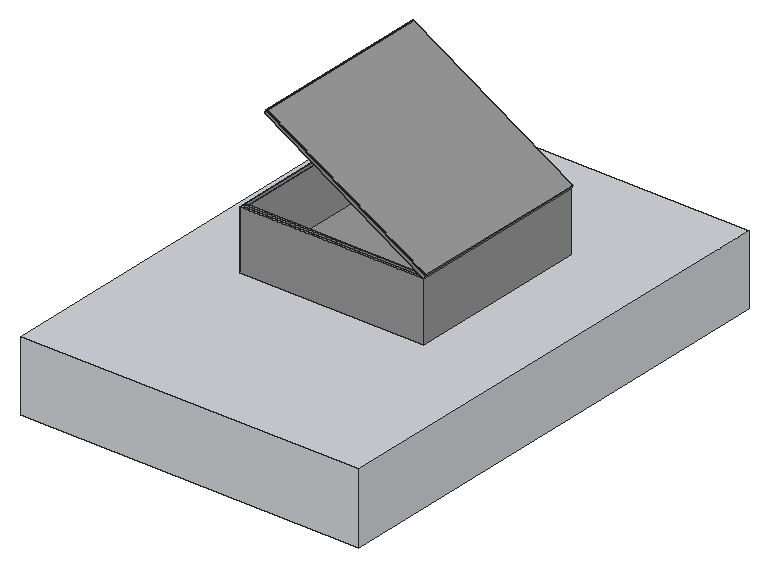
Revit family "Hager-Univers-IP55-D275-H800-Cl.II-Steel_encl-BE-en", category Equipement électrique, Revit 2020
Family settings
  Hôte = Face
  Configuration du panneau = Deux colonnes, circuits au sein
  Cote de connecteur circulaire = Utiliser le diamètre
  Type d'élément = Tableau de raccordement
  Couper avec des vides une fois chargée = Non
  Partagée = Non
  Point de calcul de pièce = Non
Parameters (values of type "Surface mounted (plaster) IP55 W800 H800 D275  - FR53S")
  Width Control [instance] = if([EF000008 - Width] > Min Width, [EF000008 - Width], Min Width)  # 800 mm
  Commentaires du type = [HG000003 - Range]  # "Univers"
  Thickness Door [instance] = if([EF009171 - Material plate thickness door/cover] > 3 mm, 3 mm, [EF009171 - Material plate thickness door/cover])  # 1.5 mm
  Seal Frame Offset [instance] = 17 mm  # constant formula
  Plinth Visibility [instance] = [HG000027 - Plinth height] > 0 mm  # no
  Model = ""
  Min Width [instance] = 100 mm  # constant formula
  Min Height [instance] = 100 mm  # constant formula
  Min Depth [instance] = (2 * [EF009170 - Material plate thickness cabinet]) + 1 mm  # 4 mm
  Internal Frame Depth [instance] = (Door System Depth * 0.5)  # 9 mm
  Height Control [instance] = if([EF000040 - Height] > Min Height, [EF000040 - Height], Min Height)  # 800 mm
  HG000027 - Plinth height = 0 mm
  HG000026 - Floor standing = no
  HG000024 - Bottom section height = 800 mm
  HG000023 - Double section enclosure = no
  HG000016 - Door 3d visibility [instance] = yes
  HG000015 - Clearance visibility [instance] = no
  HG000014 - Door on the right [instance] = yes
  HG000013 - Door on the left [instance] = not([HG000014 - Door on the right])  # no
  HG000012 - Door swing angle [instance] = 30.00°
  HG000010 - Asymmetric doors = no
  HG000009 - Double swing door = no
  HG000006 - Flush mounted = no
  HG000004 - Manufacturer reference = "FR53S"
  HG000003 - Range = "Univers"
  HG000002 - With door or cover = yes
  Frame Offset Bottom [instance] = 10 mm  # constant formula
  Frame Offset [instance] = 15 mm  # constant formula
  EF015940 - Cover with overpressure release = no
  EF011959 - Degree of protection (NEMA) = ""
  EF009554 - Number of openings for flange plates = 6
  EF009212 - Cover model = "EV000116 - Closed"
  EF009171 - Material plate thickness door/cover = 1.5 mm
  EF009170 - Material plate thickness cabinet = 1.5 mm
  Fabricant = "Hager"  # constant formula
  EF008873 - Nominal current (In) = 800 A
  EF007800 - Suitable for lightning protection = no
  EF006306 - With lock = no
  EF006244 - Transparent cover/door = no
  EF005474 - Degree of protection (IP) = "EV006420 - IP55"
  EF004464 - Type of door = "EV002646 - Single"
  EF004427 - Number of modules = 180
  EF004293 - Impact strength = "EV008784 - IK10"
  EF003532 - Suitable for outdoor use = no
  EF002950 - Width in number of modular spacings = 24
  EF001613 - Circuit integrity = "EV000494 - None"
  EF001596 - Material housing = "EV000179 - Steel"
  EF001131 - Internal depth = 275 mm
  EF001088 - Extension possible = yes
  EF000437 - Number of conduit inlets = 6
  EF000339 - Type of cover = "EV004216 - Door"
  EF000266 - Number of rows = 5
  EF000218 - Built-in depth = 0 mm
  EF000118 - With mounting plate = no
  EF000116 - RAL-number = "7035"
  EF000049 - Depth = 275 mm
  EF000040 - Height = 800 mm
  EF000008 - Width = 800 mm
  EF000007 - Colour = "EV000270 - Grey"
  EF000003 - Mounting method = "EV000384 - Surface mounted (plaster)"
  Door System Leaf Tolerance [instance] = 1.5 mm  # constant formula
  Door System Depth [instance] = 18 mm  # constant formula
  Door Height [instance] = Height Control - [HG000027 - Plinth height]  # 800 mm
  Depth Control [instance] = if([EF000049 - Depth] > Min Depth, [EF000049 - Depth], Min Depth)  # 275 mm
  Default Elevation = 0 mm
  Connector Offset [instance] = Height Control / 2  # 400 mm
  Bottom Top Plate Trim [instance] = 1.5 mm  # constant formula
  Plinth height Ctrl [instance] = if([HG000027 - Plinth height] > 0 mm, [HG000027 - Plinth height], 12 mm)  # 12 mm
Types (5, lengths in mm): name | Width Control | HG000010 - Asymmetric doors | HG000009 - Double swing door | HG000004 - Manufacturer reference | EF009554 - Number of openings for flange plates | EF004464 - Type of door | EF004427 - Number of modules | EF000437 - Number of conduit inlets | EF000008 - Width
  Surface mounted (plaster) IP55 W1050 H800 D275  - FR54S | 1050 | no | yes | "FR54S" | 8 | "EV003602 - Double" | 240 | 8 | 1050
  Surface mounted (plaster) IP55 W1300 H800 D275  - FR55S | 1300 | yes | yes | "FR55S" | 10 | "EV003602 - Double" | 300 | 10 | 1300
  Surface mounted (plaster) IP55 W300 H800 D275  - FR51S | 300 | no | no | "FR51S" | 2 | "EV002646 - Single" | 60 | 2 | 300
  Surface mounted (plaster) IP55 W550 H800 D275  - FR52S | 550 | no | no | "FR52S" | 4 | "EV002646 - Single" | 120 | 4 | 550
  Surface mounted (plaster) IP55 W800 H800 D275  - FR53S | 800 | no | no | "FR53S" | 6 | "EV002646 - Single" | 180 | 6 | 800
Reference planes
  plane 1 "Center (Front/Back)": y = 0
  plane 2: z = 0
  plane 3 "Center (Left/Right)": x = 0
  plane 4: z = 275
  plane 5: y = 1.5
  plane 6: y = 400
  plane 7: y = 0
  plane 8: y = 800
  plane 9: z = 0
  plane 10: x = -385
  plane 11: x = 385
  plane 12: x = 383.5
  plane 13: x = -383.5
  plane 14: y = 798.5
  plane 15: x = -383
  plane 16: x = -400
  plane 17: x = 383
  plane 18: x = 400
  plane 19: x = 398.5
  plane 20: x = -398.5
  plane 21: y = 11.5
  plane 22: y = 800
  plane 23: y = 783.5
  plane 24: z = 257
  plane 25: z = 1.5
  plane 26: z = 255.5
  plane 27: z = 273.5
Forms (mm)
  Extrusion 1, solid
    sketch origin (0, 0, 0) x (1, 0, 0) y (0, 1, 0)
      loop
        line (-702.964, 1305) -> (-702.964, -811.445) -> (766.763, -811.445) -> (766.763, 1305) -> (-702.964, 1305)
    from 0 to -304.8
  Extrusion 2, solid, material "Hager_Steel_RAL7035_Light_Grey", visible <- "Plinth Visibility", detail levels medium+fine
    sketch origin (0, 0, 0) x (1, 0, 0) y (0, 1, 0)
      loop
        line (-400, 0) -> (400, 0) -> (400, 12) -> (-400, 12) -> (-400, 0)
    from 0 to 257
  Extrusion 3, solid, material "Hager_Steel_RAL7035_Light_Grey", detail levels medium+fine
    sketch origin (0, 0, 0) x (1, 0, 0) y (0, 1, 0)
      loop
        line (-400, 0) -> (400, 0) -> (400, 800) -> (-400, 800) -> (-400, 0)
    from 0 to 257
  Extrusion 4, void
    sketch origin (0, 0, 0) x (1, 0, 0) y (0, 1, 0)
      loop
        line (-398.5, 1.5) -> (398.5, 1.5) -> (398.5, 798.5) -> (-398.5, 798.5) -> (-398.5, 1.5)
    from 1.5 to 255.5
  Extrusion 5, void
    sketch origin (-381.607, -4572, 257) x (0, -1, 0) y (-1, 0, 0)
      loop
        line (-4583.5, 1.893) -> (-5355.5, 1.893) -> (-5355.5, -765.107) -> (-4583.5, -765.107) -> (-4583.5, 1.893)
    from 0 to 1.5 <- "EF009170 - Material plate thickness cabinet"
  Extrusion 6, solid, material "Hager_Steel_RAL7035_Light_Grey", detail levels fine
    sketch origin (0, 0, 257) x (1, 0, 0) y (0, 1, 0)
      loop
        line (-383.5, 783.5) -> (-383.5, 11.5) -> (383.5, 11.5) -> (383.5, 783.5) -> (-383.5, 783.5)
      loop
        line (-385, 10) -> (385, 10) -> (385, 785) -> (-385, 785) -> (-385, 10)
    from 0 to 9 <- "Internal Frame Depth"
  Extrusion 7, solid, material "Hager_Steel_RAL7035_Light_Grey", detail levels coarse
    sketch origin (0, 0, 0) x (1, 0, 0) y (0, 1, 0)
      loop
        line (-400, 0) -> (400, 0) -> (400, 800) -> (-400, 800) -> (-400, 0)
    from 0 to 275
  Sweep 8, void
    path in 3D
      loop
        line (-400, 12, 0) -> (400, 12, 0) -> (400, 12, 257) -> (-400, 12, 257) -> (-400, 12, 0)
    profile origin (-400, 12, 128.5) x (-1, 0, 0) y (0, -1, 0)
      loop
        line (0, 0) -> (0, 1.5) -> (-1.5, 1.5)
        arc (-1.5, 1.5) -> (-1.061, 0.439) -> (0, 0) r 1.5
Cuts and joins
  Extrusion 4, Extrusion 5 cuts Extrusion 3
  Sweep 8 cuts Extrusion 2
Lines and regions (mm)
  Masking region 1
    outline origin (0, 0, 0) x (1, 0, 0) y (0, 0, 1)
      loop
        line (-400, 275) -> (-400, 0) -> (400, 0) -> (400, 275) -> (-400, 275)
  Masking region 2, detail levels medium+fine
    outline origin (0, 140, 0) x (0, 1, 0) y (0, 0, 1)
      loop
        line (-140, 0) -> (660, 0) -> (660, 257) -> (-140, 257) -> (-140, 0)
  Masking region 3, not visible, detail levels medium+fine
    outline origin (0, 297.922, 0) x (0, 1, 0) y (0, 0, 1)
      loop
        line (113.578, 0) -> (153.578, 0) -> (153.578, 263.5)
        arc (153.578, 263.5) -> (150.649, 270.571) -> (143.578, 273.5) r 10
        line (143.578, 273.5) -> (113.578, 273.5) -> (113.578, 0)
  Masking region 4, detail levels coarse
    outline origin (0, 0, 180) x (0, 1, 0) y (0, 0, 1)
      loop
        line (0, -180) -> (800, -180) -> (800, 95) -> (0, 95) -> (0, -180)
  Masking region 5, visible <- "Plinth Visibility", detail levels medium+fine
    outline origin (0, 52.24, 12.345) x (0, 0, -1) y (0, 1, 0)
      loop
        line (10.845, -40.24) -> (-243.155, -40.24)
        arc (-243.155, -40.24) -> (-243.594, -41.301) -> (-244.655, -41.74) r 1.5
        line (-244.655, -41.74) -> (-244.655, -52.24) -> (12.345, -52.24) -> (12.345, -41.74)
        arc (12.345, -41.74) -> (11.285, -41.301) -> (10.845, -40.24) r 1.5
  Masking region 6, detail levels medium+fine
    outline origin (-381.607, -4572, 257) x (-1, 0, 0) y (0, -1, 0)
      loop
        line (18.393, -5372) -> (18.393, -4572) -> (-781.607, -4572) -> (-781.607, -5372) -> (18.393, -5372)
  Masking region 7, visible <- "Plinth Visibility", detail levels medium+fine
    outline origin (-381.607, -4727, 257) x (-1, 0, 0) y (0, -1, 0)
      loop
        arc (16.893, -4739) -> (17.332, -4737.939) -> (18.393, -4737.5) r 1.5
        line (18.393, -4737.5) -> (18.393, -4727) -> (-781.607, -4727) -> (-781.607, -4737.5)
        arc (-781.607, -4737.5) -> (-780.546, -4737.939) -> (-780.107, -4739) r 1.5
        line (-780.107, -4739) -> (16.893, -4739)
  Masking region 8, detail levels coarse
    outline origin (-442.548, -4669.526, 257) x (-1, 0, 0) y (0, -1, 0)
      loop
        line (-42.548, -5469.526) -> (-42.548, -4669.526) -> (-842.548, -4669.526) -> (-842.548, -5469.526) -> (-42.548, -5469.526)
  sketch lines
    curve 1: line (-400, 12, 257) -> (-400, 12, 0)
    curve 2: line (400, 12, 257) -> (-400, 12, 257)
    curve 3: line (400, 12, 257) -> (400, 12, 0)
    curve 4: line (-400, 12, 0) -> (400, 12, 0)
Dimensions and locks
  "Depth Control": plane 4 to Extrusion 1
  "HG000027 - Plinth height": plane 1 "Center (Front/Back)" to plane 7
  "EF009170 - Material plate thickness cabinet": plane 5 to plane 7
  locked: connector elem to plane 3 "Center (Left/Right)"
  equal spacing: plane 8, plane 6, plane 7
  locked: connector elem to plane 6
  "EF009170 - Material plate thickness cabinet": plane 8 to plane 14
  "EF009170 - Material plate thickness cabinet": plane 10 to plane 13
  "EF009170 - Material plate thickness cabinet": plane 12 to plane 11
  "Frame Offset": plane 20 to plane 13
  "Frame Offset": plane 12 to plane 19
  "EF009170 - Material plate thickness cabinet": plane 16 to plane 20
  "EF009170 - Material plate thickness cabinet": plane 19 to plane 18
  "Seal Frame Offset": plane 16 to plane 15
  "Seal Frame Offset": plane 17 to plane 18
  "Frame Offset Bottom": plane 21 to plane 5
  "Frame Offset": plane 14 to plane 23
  equal spacing: plane 16, plane 3 "Center (Left/Right)", plane 18
  "Width Control": plane 16 to plane 18
  "EF009170 - Material plate thickness cabinet": plane 4 to plane 27
  "EF009170 - Material plate thickness cabinet": plane 24 to plane 26
  "EF009170 - Material plate thickness cabinet": plane 25 to level
  "Door System Depth": plane 4 to plane 24
  "Height Control": plane 1 "Center (Front/Back)" to Extrusion 7 sketch curve
  "Height Control": Masking region 4 sketch curve to plane 1 "Center (Front/Back)"
  "Height Control": plane 1 "Center (Front/Back)" to plane 22
  "Bottom Top Plate Trim": profile plane to Sweep 8 sketch curve
  "Bottom Top Plate Trim": Sweep 8 sketch curve to profile plane
  "Plinth height Ctrl": plane 1 "Center (Front/Back)" to Extrusion 2 sketch curve
  "Plinth height Ctrl": Masking region 5 sketch curve to plane 1 "Center (Front/Back)"
  "Plinth height Ctrl": plane 1 "Center (Front/Back)" to Masking region 7 sketch curve
  "Thickness Door": Extrusion 6 sketch curve to Extrusion 6 sketch curve  (x3)
  "Thickness Door": cut or joined group of Extrusion 3, Extrusion 4, Extrusion 5 to Extrusion 6 sketch curve
  radius of Masking region 3 sketch curve = 10 mm
  "Bottom Top Plate Trim": radius of Masking region 5 sketch curve  (x2)
  "Bottom Top Plate Trim": radius of Sweep 8 sketch curve
  "Bottom Top Plate Trim": radius of Masking region 7 sketch curve  (x2)
  aligned and locked: plane 2 to Extrusion 1
  aligned and locked: level to Extrusion 1
  aligned and locked: level to Masking region 1 sketch curve
  aligned and locked: Masking region 1 sketch curve to plane 18
  aligned and locked: Masking region 1 sketch curve to plane 16
  aligned and locked: plane 7 to Masking region 2 sketch curve
  aligned and locked: level to Masking region 3 sketch curve
  aligned and locked: Masking region 3 sketch curve to plane 27
  aligned and locked: level to Masking region 2 sketch curve
  aligned and locked: plane 1 "Center (Front/Back)" to Extrusion 2 sketch curve
  aligned and locked: Extrusion 3 sketch curve to plane 7
  aligned and locked: plane 16 to Extrusion 3 sketch curve
  aligned and locked: plane 18 to Extrusion 3 sketch curve
  aligned and locked: plane 20 to Extrusion 4 sketch curve
  aligned and locked: plane 19 to Extrusion 4 sketch curve
  aligned and locked: Extrusion 4 sketch curve to plane 5
  aligned and locked: Extrusion 4 to plane 25
  aligned and locked: plane 26 to Extrusion 4
  aligned and locked: plane 24 to Extrusion 3
  aligned and locked: Extrusion 5 sketch curve to plane 21
  aligned and locked: Extrusion 5 sketch curve to plane 13
  aligned and locked: Extrusion 5 sketch curve to plane 12
  aligned and locked: plane 18 to Extrusion 7 sketch curve
  aligned and locked: plane 1 "Center (Front/Back)" to Extrusion 7 sketch curve
  aligned and locked: plane 16 to Extrusion 7 sketch curve
  aligned and locked: plane 4 to Extrusion 7
  aligned and locked: Extrusion 7 to level
  aligned and locked: level to Masking region 4 sketch curve
  aligned and locked: Masking region 4 sketch curve to plane 1 "Center (Front/Back)"
  aligned and locked: Masking region 4 sketch curve to plane 4
  aligned and locked: nested 1 to level
  aligned and locked: nested 1 to plane 16
  aligned and locked: plane 8 to Extrusion 3 sketch curve
  aligned and locked: plane 23 to Extrusion 5 sketch curve
  aligned and locked: plane 14 to Extrusion 4 sketch curve
  aligned and locked: Masking region 2 sketch curve to plane 8
  aligned and locked: level to Masking region 5 sketch curve
  aligned and locked: plane 16 to Extrusion 2 sketch curve
  aligned and locked: plane 18 to Extrusion 2 sketch curve
  aligned and locked: Masking region 5 sketch curve to plane 24
  aligned and locked: Masking region 2 sketch curve to plane 24
  aligned and locked: plane 24 to Extrusion 2
  aligned and locked: profile plane to Sweep 8 sketch curve  (x2)
  aligned and locked: Masking region 6 sketch curve to plane 18
  aligned and locked: Masking region 6 sketch curve to plane 22
  aligned and locked: Masking region 6 sketch curve to plane 16
  aligned and locked: plane 8 to plane 22
  aligned and locked: Masking region 6 sketch curve to plane 7
  aligned and locked: Masking region 7 sketch curve to plane 16
  aligned and locked: Masking region 7 sketch curve to plane 1 "Center (Front/Back)"
  aligned and locked: Masking region 7 sketch curve to plane 18
  aligned and locked: Masking region 8 sketch curve to plane 1 "Center (Front/Back)"
  aligned and locked: Masking region 8 sketch curve to plane 18
  aligned and locked: Masking region 8 sketch curve to plane 22
  aligned and locked: Masking region 8 sketch curve to plane 16
  aligned and locked: nested 2 to plane 7
  aligned and locked: plane 3 "Center (Left/Right)" to nested 2
  aligned and locked: nested 2 to plane 24
  aligned and locked: Extrusion 6 sketch curve to cut or joined group of Extrusion 3, Extrusion 4, Extrusion 5  (x4)
Automatic sketch dimensions
  Extrusion 1 sketch curve to Extrusion 1 sketch curve = 1469.727 mm
  Extrusion 1 sketch curve to Extrusion 1 sketch curve = 2116.445 mm
  Masking region 1 sketch curve to plane 4 = 0 mm
  plane 6 to Masking region 3 sketch curve = 11.5 mm
  Masking region 3 sketch curve to Masking region 3 sketch curve = 30 mm
  Masking region 5 sketch curve to plane 1 "Center (Front/Back)" = 0 mm
Nested families
  nested 1: "Hager_Enclosure_Symbol" at (-400, 0, 0) x (1, 0, 0) z (0, -1, 0), Height <- "Depth Control", Width <- "Width Control", type "Hager_Enclosure_Symbol"
    with Width_Ctrl 800 mm, Width 800 mm, Height_Ctrl 275 mm, Height 275 mm, A_Width_Int 18.047 mm, A_Width 216.562 mm, A_Height_Ctrl 240.625 mm, A_Height 240.625 mm
  nested 2: "EC000058_Univers_Door" at (0, 0, 257) x (1, 0, 0) z (0, 1, 0), Leaf_Tolerance <- "Door System Leaf Tolerance", Angle <- "HG000012 - Door swing angle", Door_Depth <- "Door System Depth", Door_Left <- "HG000013 - Door on the left", Transparent <- "EF006244 - Transparent cover/door", Assymetrical <- "HG000010 - Asymmetric doors", Width <- "Width Control", Clearance <- "HG000015 - Clearance visibility", Double <- "HG000009 - Double swing door", 3d_Door <- "HG000016 - Door 3d visibility", Lock_Visibility <- "EF006306 - With lock", Width_Ctrl <- "Width Control", Door_Right <- "HG000014 - Door on the right", Door <- "HG000002 - With door or cover", Height <- "Door Height", Thickness <- "Thickness Door", type "EC000058_Univers_Door", detail levels medium+fine
    with min_wh 4 mm, Width_Ctrl 800 mm, Width 800 mm, Transparent no, Thickness 1.5 mm, Seal_Material Hager_Rubber, Lock_Visibility no, Lock_Material Hager_Plastic_RAL9005_Jet_Black, Leaf_Width 800 mm, Leaf_Tolerance_External_Sides 0 mm, Leaf_Tolerance 1.5 mm, Leaf_Offset 0 mm, Leaf_Height 797 mm, Leaf_2_Width 800 mm, Leaf_2_Offset 400 mm, Leaf_1_Width 800 mm, Leaf_1_Offset 400 mm, Height_Ctrl 800 mm, Height 800 mm, Glass_Material Hager_Glass, Double_Clearance_Ctrl no, Double no, Door_Right_Ctrl yes, Door_Right yes, Door_Material Hager_Steel_RAL7035_Light_Grey, Door_Left_Ctrl no, Door_Left no, Door_Depth 18 mm, Door yes, Clearance_Material Hager_Clearance, Clearance_Depth 800 mm, Clearance_Ctrl no, Clearance no, Assymetrical no, Angle 30.00°, 3d_Door yes
Connectors
  electrical at (0, 400, 0)
    settings: on plane 9, index 1, voltage 0 V, apparent load 0 VA, apparent load phase1 0 VA, apparent load phase2 0 VA, apparent load phase3 0 VA, power factor 1, load classification "Other", number of poles 1, system type 30, power factor state 1, is connector primary yes, connector utility no, sub classification motor no, connector description ""
Definition of nested family "EC000058_Univers_Door"
  Parameters (values of type "EC000058_Univers_Door")
    min_wh [instance] = (2 * Thickness) + 1 mm  # 11 mm
    Width_Ctrl [instance] = 400 mm
    Width [instance] = 500 mm
    Transparent [instance] = yes
    Thickness [instance] = 5 mm
    Seal_Material [instance] = none
    Lock_Visibility [instance] = yes
    Lock_Material [instance] = none
    Leaf_Width [instance] = if((Width_Ctrl - 2 * Leaf_Tolerance_External_Sides) > 0 mm, (Width_Ctrl - 2 * Leaf_Tolerance_External_Sides), min_wh)  # 400 mm
    Leaf_Tolerance_External_Sides [instance] = 0 mm  # constant formula
    Leaf_Tolerance [instance] = 1.5 mm
    Leaf_Offset [instance] = 0 mm  # constant formula
    Leaf_Height [instance] = if((Height_Ctrl - 2 * Leaf_Tolerance) > 0 mm, (Height_Ctrl - 2 * Leaf_Tolerance), min_wh)  # 497 mm
    Leaf_2_Width [instance] = if(and(and(Double, Assymetrical), Door_Left), (Leaf_Width / 3) - (Leaf_Tolerance / 2), if(and(and(Double, Assymetrical), Door_Right), (Leaf_Width / 3) * 2 - (Leaf_Tolerance / 2), if(and(Double, not(Assymetrical)), (Leaf_Width / 2) - Leaf_Tolerance, Leaf_Width)))  # 400 mm
    Leaf_2_Offset [instance] = if(and(Double, Assymetrical), Leaf_2_Width / 2, if(and(Double, not(Assymetrical)), Leaf_Width / 4, Leaf_Width / 2))  # 200 mm
    Leaf_1_Width [instance] = if(and(and(Double, Assymetrical), Door_Right), (Leaf_Width / 3) - (Leaf_Tolerance / 2), if(and(and(Double, Assymetrical), Door_Left), (Width / 3) * 2 - (Leaf_Tolerance / 2), if(and(Double, not(Assymetrical)), (Leaf_Width / 2) - Leaf_Tolerance, Leaf_Width)))  # 400 mm
    Leaf_1_Offset [instance] = if(and(Double, Assymetrical), Leaf_1_Width / 2, if(and(Double, not(Assymetrical)), Leaf_Width / 4, Leaf_Width / 2))  # 200 mm
    Height_Ctrl [instance] = if(Height > min_wh, Height, min_wh)  # 500 mm
    Height [instance] = 500 mm
    Glass_Material [instance] = none
    Double_Clearance_Ctrl [instance] = and(Double, Clearance)  # no
    Double [instance] = no
    Door_Right_Ctrl [instance] = and(or(Door_Right, Double), Door)  # yes
    Door_Right [instance] = yes
    Door_Material [instance] = none
    Door_Left_Ctrl [instance] = and(or(Door_Left, Double), Door)  # no
    Door_Left [instance] = no
    Door_Depth [instance] = 30 mm
    Door [instance] = yes
    Default Elevation = 1219.2 mm
    Clearance_Material [instance] = none
    Clearance_Depth [instance] = if(Leaf_1_Width > Leaf_2_Width, Leaf_1_Width, Leaf_2_Width)  # 400 mm
    Clearance_Ctrl [instance] = and(not(Double), Clearance)  # yes
    Clearance [instance] = yes
    Assymetrical [instance] = yes
    Angle [instance] = 30.00°
    3d_Door [instance] = yes
  Reference planes
    plane 1 "Center (Front/Back)": y = 0
    plane 2 "Bottom": z = 0
    plane 3 "Center (Left/Right)": x = 0
    plane 4: z = 500
    plane 5: x = -200
    plane 6: x = 200
    plane 7: z = 500
    plane 8: x = -200
    plane 9: z = 0
    plane 10: x = 200
    plane 11: y = 0
    plane 12: z = 1.5
    plane 13: x = -600
    plane 14: y = -400
    plane 15: x = 600
    plane 16: x = 0
    plane 17: x = 0
    plane 18: x = -200
    plane 19: x = 200
    plane 20: z = 498.5
  Forms (mm)
    Extrusion 1, solid, material <- "Clearance_Material", visible <- "Double_Clearance_Ctrl"
      sketch origin (1200, 0, 0) x (1, 0, 0) y (0, 0, -1)
        loop
          line (-1800, -498.5) -> (-600, -498.5) -> (-600, 0) -> (-1800, 0) -> (-1800, -498.5)
      from 0 to -400
  Dimensions and locks
    equal spacing: plane 5, plane 3 "Center (Left/Right)", plane 6
    "Width_Ctrl": plane 5 to plane 6
    "Leaf_Offset": plane 5 to plane 8
    "Leaf_Offset": plane 6 to plane 10
    "Leaf_Offset": plane 9 to level
    "Leaf_Offset": plane 4 to plane 7
    "Height_Ctrl": plane 4 to level
    "Leaf_Tolerance": plane 12 to plane 9
    locked: plane 11 to plane 1 "Center (Front/Back)"
    "Leaf_1_Offset": plane 18 to plane 16
    "Leaf_2_Offset": plane 17 to plane 19
    "Leaf_1_Width": plane 13 to plane 8
    "Leaf_2_Width": plane 10 to plane 15
    "Clearance_Depth": plane 14 to plane 1 "Center (Front/Back)"
    "Leaf_Tolerance_External_Sides": plane 8 to plane 18
    "Leaf_Tolerance_External_Sides": plane 19 to plane 10
    "Leaf_Tolerance": plane 7 to plane 20
    aligned and locked: level to plane 2 "Bottom"
    aligned and locked: nested 1 to plane 16
    aligned and locked: nested 2 to plane 17
    aligned and locked: Extrusion 1 to plane 13
    aligned and locked: plane 15 to Extrusion 1
    aligned and locked: Extrusion 1 to plane 14
    aligned and locked: plane 12 to nested 1
    aligned and locked: nested 2 to plane 12
    aligned and locked: Extrusion 1 to plane 11
    aligned and locked: plane 20 to Extrusion 1
    aligned and locked: nested 2 to plane 11
    aligned and locked: nested 1 to plane 11
  Automatic sketch dimensions
    Extrusion 1 sketch curve to level = 0 mm
    plane 5 to Extrusion 1 sketch curve = 400 mm
    plane 6 to Extrusion 1 sketch curve = 400 mm
    Extrusion 1 sketch curve to plane 4 = 1.5 mm
  Nested families
    nested 1: "EC000058_Univers_Door_Leaf" at (0, 0, 1.5), Width <- "Leaf_1_Width", visible <- "Door_Left_Ctrl", Leaf_Height <- "Leaf_Height", Angle <- "Angle", 3d_Door <- "3d_Door", Transparent <- "Transparent", Clearance Material <- "Clearance_Material", Clearance <- "Clearance_Ctrl", Door_Material <- "Door_Material", Glass_Material <- "Glass_Material", Door_Depth <- "Door_Depth", Lock_Material <- "Lock_Material", Seal_Material <- "Seal_Material", Lock_Visibility <- "Lock_Visibility", Thickness <- "Thickness", type "EC000058_Univers_Door_Leaf"
      with Width 400 mm, Transparent_Glass_Offset 30 mm, Transparent_Ctrl yes, Transparent yes, Thickness 5 mm, Standard no, Seal_Material none, Seal_D2 8 mm, Seal_D1 1 mm, Offset_Internal_Frame 10 mm, Lock_Width 20 mm, Lock_Visibility_3d yes, Lock_Visibility yes, Lock_Thickness_3 3 mm, Lock_Thickness_2 1 mm, Lock_Thickness_1 3 mm, Lock_Radius_Offset_2 16 mm, Lock_Radius_Offset_1 15 mm, Lock_Radius_2 5 mm, Lock_Radius 6 mm, Lock_Offset 5 mm, Lock_Material none, Lock_Height 80 mm, Lock_Cover_Top_Offset_2d 17 mm, Lock_Cover_Height -65 mm, Leaf_Height 497 mm, Internal_Seal_Thickness 8 mm, Internal_Seal_Depth_2 4.5 mm, Internal_Frame_Depth 25 mm, Glass_Thickness -1 mm, Glass_Offset -2 mm, Glass_Material none, Door_Material none, Door_Depth 30 mm, Clearance Material none, Clearance yes, Angle_Ctrl 30.00°, Angle 30.00°, 3d_Door yes
    nested 2: "EC000058_Univers_Door_Leaf" at (0, 0, 1.5) x (-1, 0, 0) z (0, 0, 1), Width <- "Leaf_2_Width", visible <- "Door_Right_Ctrl", Leaf_Height <- "Leaf_Height", Angle <- "Angle", 3d_Door <- "3d_Door", Transparent <- "Transparent", Clearance Material <- "Clearance_Material", Clearance <- "Clearance_Ctrl", Door_Material <- "Door_Material", Glass_Material <- "Glass_Material", Door_Depth <- "Door_Depth", Lock_Material <- "Lock_Material", Seal_Material <- "Seal_Material", Lock_Visibility <- "Lock_Visibility", Thickness <- "Thickness", type "EC000058_Univers_Door_Leaf"
      with Width 400 mm, Transparent_Glass_Offset 30 mm, Transparent_Ctrl yes, Transparent yes, Thickness 5 mm, Standard no, Seal_Material none, Seal_D2 8 mm, Seal_D1 1 mm, Offset_Internal_Frame 10 mm, Lock_Width 20 mm, Lock_Visibility_3d yes, Lock_Visibility yes, Lock_Thickness_3 3 mm, Lock_Thickness_2 1 mm, Lock_Thickness_1 3 mm, Lock_Radius_Offset_2 16 mm, Lock_Radius_Offset_1 15 mm, Lock_Radius_2 5 mm, Lock_Radius 6 mm, Lock_Offset 5 mm, Lock_Material none, Lock_Height 80 mm, Lock_Cover_Top_Offset_2d 17 mm, Lock_Cover_Height -65 mm, Leaf_Height 497 mm, Internal_Seal_Thickness 8 mm, Internal_Seal_Depth_2 4.5 mm, Internal_Frame_Depth 25 mm, Glass_Thickness -1 mm, Glass_Offset -2 mm, Glass_Material none, Door_Material none, Door_Depth 30 mm, Clearance Material none, Clearance yes, Angle_Ctrl 30.00°, Angle 30.00°, 3d_Door yes
  Definition of nested family "EC000058_Univers_Door_Leaf"
    Parameters (values of type "EC000058_Univers_Door_Leaf")
      Width [instance] = 2000 mm
      Transparent_Glass_Offset [instance] = 30 mm
      Transparent_Ctrl [instance] = and(Transparent, [3d_Door])  # yes
      Transparent [instance] = yes
      Thickness [instance] = 5 mm
      Standard [instance] = and(not(Transparent), [3d_Door])  # no
      Seal_Material [instance] = none
      Seal_D2 [instance] = 8 mm  # constant formula
      Seal_D1 [instance] = 1 mm  # constant formula
      Offset_Internal_Frame [instance] = 10 mm  # constant formula
      Lock_Width [instance] = 20 mm  # constant formula
      Lock_Visibility_3d [instance] = and(Lock_Visibility, [3d_Door])  # yes
      Lock_Visibility [instance] = yes
      Lock_Thickness_3 [instance] = 3 mm  # constant formula
      Lock_Thickness_2 [instance] = 1 mm  # constant formula
      Lock_Thickness_1 [instance] = 3 mm  # constant formula
      Lock_Radius_Offset_2 [instance] = Lock_Radius_Offset_1 + 1 mm  # 16 mm
      Lock_Radius_Offset_1 [instance] = 15 mm  # constant formula
      Lock_Radius_2 [instance] = Lock_Radius - 1 mm  # 5 mm
      Lock_Radius [instance] = 6 mm  # constant formula
      Lock_Offset [instance] = 5 mm  # constant formula
      Lock_Material [instance] = none
      Lock_Height [instance] = 80 mm  # constant formula
      Lock_Cover_Top_Offset_2d [instance] = Lock_Radius_Offset_2 + 1 mm  # 17 mm
      Lock_Cover_Height [instance] = -(Lock_Height - Lock_Radius_Offset_1)  # -65 mm
      Leaf_Height [instance] = 2720.336 mm
      Internal_Seal_Thickness [instance] = 8 mm  # constant formula
      Internal_Seal_Depth_2 [instance] = 4.5 mm  # constant formula
      Internal_Frame_Depth [instance] = if(Door_Depth - Thickness > 5 mm, Door_Depth - Thickness, 5 mm)  # 25 mm
      Glass_Thickness [instance] = if(Thickness > 15 mm, Glass_Offset + 10 mm, -1 mm)  # -1 mm
      Glass_Offset [instance] = if(Thickness > 15 mm, -(Thickness + 10 mm) / 2, -2 mm)  # -2 mm
      Glass_Material [instance] = none
      Door_Material [instance] = none
      Door_Depth [instance] = 30 mm
      Default Elevation = 0 mm
      Clearance Material [instance] = none
      Clearance [instance] = yes
      Angle_Ctrl [instance] = if(Angle > 180.00°, 180.00°, Angle)  # 90.00°
      Angle [instance] = 90.00°
      3d_Door [instance] = yes
    Reference planes
      plane 1 "Center (Front/Back)": y = 0
      plane 2: z = 0
      plane 3 "Center (Left/Right)": x = 0
      plane 4: y = 2000
      plane 5: x = -1000
      plane 6: x = 1000
      plane 7: x = -3000
      plane 8: z = 2720.336
      plane 9: z = 30
      plane 10: z = 2690.336
      plane 11: x = 970
      plane 12: x = -970
      plane 13: y = -3
      plane 14: z = 107.833
      plane 15: y = -5
      plane 16: y = -223.314
      plane 17: x = -1000
      plane 18: z = 1360.168
      plane 19: y = 30
    Forms (mm)
      Extrusion 1, solid, material <- "Clearance Material", visible <- "Clearance"
        sketch origin (0, 0, 0) x (1, 0, 0) y (0, 0, 1)
          loop
            line (-3000, 2720.336) -> (-3000, 0) -> (1000, 0) -> (1000, 2720.336) -> (-3000, 2720.336)
        from 0 to -2000
      Extrusion 2, solid, material <- "Door_Material", visible <- "Standard", detail levels medium+fine
        sketch origin (-1000, 0, 0) x (0, 1, 0) y (-1, 0, 0)
          loop
            line (0, 30) -> (0, 25) -> (2000, 25) -> (2000, 30) -> (0, 30)
        from 0 to 2720.336 <- "Leaf_Height"
      Extrusion 3, solid, material <- "Door_Material", visible <- "Transparent_Ctrl", detail levels medium+fine
        sketch origin (-1000, 0, 0) x (0, 1, 0) y (-1, 0, 0)
          loop
            line (0, 25) -> (2000, 25) -> (2000, 30) -> (0, 30) -> (0, 25)
        from 0 to 2720.336 <- "Leaf_Height"
      Extrusion 4, void
        sketch origin (-1025, 2000, 0) x (0, 1, 0) y (0, 0, -1)
          loop
            line (-30, -2690.336) -> (-30, -30) -> (-1970, -30) -> (-1970, -2690.336) -> (-30, -2690.336)
        from 0 to 5 <- "Thickness"
      Sweep 5, solid, material <- "Seal_Material", visible <- "Transparent_Ctrl", detail levels fine
        path in 3D
          loop
            line (-1025, 30, 30) -> (-1025, 30, 2690.336) -> (-1025, 1970, 2690.336) -> (-1025, 1970, 30) -> (-1025, 30, 30)
        profile origin (-1025, 1000, 30) x (1, 0, 0) y (0, 0, 1)
          loop
            line (0, 0) -> (0, -8) -> (1, -8) -> (1, 0) -> (0, 0)
      Extrusion 6, solid, material <- "Glass_Material", visible <- "Transparent_Ctrl", detail levels medium+fine
        sketch origin (-1030, 0, 0) x (0, 1, 0) y (0, 0, -1)
          loop
            line (1970, -2690.336) -> (1970, -30) -> (30, -30) -> (30, -2690.336) -> (1970, -2690.336)
        from -2 <- "Glass_Offset" to -1 <- "Glass_Thickness"
      Extrusion 7, solid, material <- "Door_Material", visible <- "3d_Door", detail levels medium+fine
        sketch origin (-1025, 2000, 0) x (0, -1, 0) y (0, 0, -1)
          loop
            line (0, -2720.336) -> (2000, -2720.336) -> (2000, 0) -> (0, 0) -> (0, -2720.336)
          loop
            line (1995, -5) -> (5, -5) -> (5, -2715.336) -> (1995, -2715.336) -> (1995, -5)
        from 0 to 25 <- "Internal_Frame_Depth"
      Sweep 8, solid, material <- "Seal_Material", visible <- "Transparent_Ctrl", detail levels fine
        path in 3D
          loop
            line (-1025, 0, 0) -> (-1025, 2000, 0) -> (-1025, 2000, 2720.336) -> (-1025, 0, 2720.336) -> (-1025, 0, 0)
        profile origin (-1025, 0, 1360.168) x (1, 0, 0) y (0, 1, 0)
          loop
            line (0, 10) -> (2.975, 10)
            arc (2.975, 10) -> (4.053, 10.447) -> (4.5, 11.525) r 1.525
            line (4.5, 11.525) -> (4.5, 16.527)
            arc (4.5, 16.527) -> (4.069, 17.569) -> (3.027, 18) r 1.473
            line (3.027, 18) -> (0, 18) -> (0, 10)
      Extrusion 9, solid, material <- "Lock_Material", visible <- "Lock_Visibility_3d", detail levels fine
        sketch origin (-1030, 0, 0) x (0, 1, 0) y (0, 0, -1)
          loop
            arc (1993.5, -1400.168) -> (1994.561, -1399.729) -> (1995, -1398.668) r 1.5
            line (1995, -1398.668) -> (1995, -1320.168) -> (1975, -1320.168) -> (1975, -1398.668)
            arc (1975, -1398.668) -> (1975.439, -1399.729) -> (1976.5, -1400.168) r 1.5
            line (1976.5, -1400.168) -> (1993.5, -1400.168)
        from 3 <- "Lock_Thickness_1" to 0
      Blend 10, solid, material <- "Lock_Material", visible <- "Lock_Visibility_3d", detail levels fine
        base sketch origin (-1033, 0, 0) x (0, 1, 0) y (0, 0, -1)
          loop
            line (1975, -1320.168) -> (1975, -1398.668)
            arc (1975, -1398.668) -> (1975.439, -1399.729) -> (1976.5, -1400.168) r 1.5
            line (1976.5, -1400.168) -> (1993.5, -1400.168)
            arc (1993.5, -1400.168) -> (1994.561, -1399.729) -> (1995, -1398.668) r 1.5
            line (1995, -1398.668) -> (1995, -1320.168) -> (1975, -1320.168)
        top sketch origin (-1033, 0, 0) x (0, 1, 0) y (0, 0, -1)
          loop
            line (1976, -1320.168) -> (1976, -1398.668)
            arc (1976, -1398.668) -> (1976.146, -1399.022) -> (1976.5, -1399.168) r 0.5
            line (1976.5, -1399.168) -> (1993.5, -1399.168)
            arc (1993.5, -1399.168) -> (1993.854, -1399.022) -> (1994, -1398.668) r 0.5
            line (1994, -1398.668) -> (1994, -1320.168) -> (1976, -1320.168)
        from 0 to 1 <- "Lock_Thickness_2"
      Blend 11, solid, material <- "Lock_Material", visible <- "Lock_Visibility_3d", detail levels fine
        base sketch origin (-1034, 0, 0) x (0, 1, 0) y (0, 0, -1)
          loop
            line (1978, -1320.168) -> (1978, -1384.168)
            arc (1978, -1384.168) -> (1985, -1391.168) -> (1992, -1384.168) r 7
            line (1992, -1384.168) -> (1992, -1320.168) -> (1978, -1320.168)
        top sketch origin (-1034, 0, 0) x (0, 1, 0) y (0, 0, -1)
          loop
            line (1991, -1320.168) -> (1979, -1320.168) -> (1979, -1383.168)
            arc (1979, -1383.168) -> (1985, -1389.168) -> (1991, -1383.168) r 6
            line (1991, -1383.168) -> (1991, -1320.168)
        from 0 to 3 <- "Lock_Thickness_3"
      Extrusion 12, solid, material <- "Lock_Material", visible <- "Lock_Visibility_3d", detail levels fine
        sketch origin (-1030, 1975, 1320.168) x (1, 0, 0) y (0, -1, 0)
          loop
            line (-7, -19) -> (-7, -1) -> (0, -1) -> (0, 0) -> (-8, 0) -> (-8, -20) -> (0, -20) -> (0, -19) -> (-7, -19)
        from 0 to -65 <- "Lock_Cover_Height"
      Extrusion 13, void
        sketch origin (-1038, 1995, 1320.168) x (-1, 0, 0) y (0, 0, -1)
          loop
            line (-5, -65) -> (0, -65) -> (-5, -60) -> (-5, -65)
        from 0 to 20 <- "Lock_Width"
      Extrusion 14, void
        sketch origin (-1038, 1975, 1320.168) x (0, -1, 0) y (0, 0, -1)
          loop
            circle (-10, -15.995) r 6
          loop
            circle (-10, -15.995) r 5
        from 0 to 2
      Extrusion 15, solid, material <- "Lock_Material", visible <- "Lock_Visibility_3d", detail levels medium
        sketch origin (-1030, 0, 0) x (0, 1, 0) y (0, 0, -1)
          loop
            arc (1993.5, -1400.168) -> (1994.561, -1399.729) -> (1995, -1398.668) r 1.5
            line (1995, -1398.668) -> (1995, -1320.168) -> (1975, -1320.168) -> (1975, -1398.668)
            arc (1975, -1398.668) -> (1975.439, -1399.729) -> (1976.5, -1400.168) r 1.5
            line (1976.5, -1400.168) -> (1993.5, -1400.168)
        from 8 to 0
    Cuts and joins
      Extrusion 4 cuts Extrusion 3
      Extrusion 13, Extrusion 14 cuts Extrusion 9
      Extrusion 14 cuts Blend 11
      Extrusion 13, Extrusion 14 cuts Extrusion 12
      joined: Extrusion 9, Blend 10, Blend 11, Extrusion 12
      Extrusion 14 cuts Extrusion 15
    Lines and regions (mm)
      Masking region 1, visible <- "Lock_Visibility", detail levels fine
        outline origin (0, 0, 0) x (0, 1, 0) y (0, 0, 1)
          loop
            line (30, 1320.168) -> (33, 1320.168) -> (33, 1400.168) -> (30, 1400.168) -> (30, 1320.168)
      Masking region 2, visible <- "Lock_Visibility", detail levels fine
        outline origin (0, 3.143, 0) x (0, 1, 0) y (0, 0, 1)
          loop
            line (29.857, 1354.168) -> (30.857, 1354.168) -> (30.857, 1366.168) -> (29.857, 1366.168) -> (29.857, 1354.168)
      Masking region 3, detail levels medium+fine
        outline origin (0, 0, 0) x (0, 1, 0) y (0, 0, 1)
          loop
            line (0, 0) -> (30, 0) -> (30, 2720.336) -> (0, 2720.336) -> (0, 0)
      Masking region 4, detail levels medium+fine
        outline origin (0, 0, 0) x (1, 0, 0) y (0, 0, 1)
          loop
            line (-1000, 2720.336) -> (-1000, 0) -> (1000, 0) -> (1000, 2720.336) -> (-1000, 2720.336)
      Masking region 5, visible <- "Lock_Visibility", detail levels fine
        outline origin (-47.116, 0, 0) x (1, 0, 0) y (0, 0, 1)
          loop
            arc (1024.616, 1399.168) -> (1023.556, 1398.729) -> (1023.116, 1397.668) r 1.5
            line (1023.116, 1397.668) -> (1023.116, 1320.168) -> (1041.116, 1320.168) -> (1041.116, 1397.668)
            arc (1041.116, 1397.668) -> (1040.677, 1398.729) -> (1039.616, 1399.168) r 1.5
            line (1039.616, 1399.168) -> (1024.616, 1399.168)
      Masking region 6, visible <- "Lock_Visibility", detail levels medium+fine
        outline origin (-25, 0, 0) x (1, 0, 0) y (0, 0, 1)
          loop
            arc (1001.5, 1400.168) -> (1000.439, 1399.729) -> (1000, 1398.668) r 1.5
            line (1000, 1398.668) -> (1000, 1320.168) -> (1020, 1320.168) -> (1020, 1398.668)
            arc (1020, 1398.668) -> (1019.561, 1399.729) -> (1018.5, 1400.168) r 1.5
            line (1018.5, 1400.168) -> (1001.5, 1400.168)
      Masking region 7, visible <- "Lock_Visibility", detail levels fine
        outline origin (-73.735, 0, 0) x (1, 0, 0) y (0, 0, 1)
          loop
            line (1051.735, 1382.168) -> (1065.735, 1382.168) -> (1065.735, 1384.168)
            arc (1065.735, 1384.168) -> (1058.735, 1391.168) -> (1051.735, 1384.168) r 7
            line (1051.735, 1384.168) -> (1051.735, 1382.168)
      Masking region 8, visible <- "Lock_Visibility", detail levels fine
        outline origin (-73.735, 0, 0) x (1, 0, 0) y (0, 0, 1)
          loop
            line (1052.735, 1382.168) -> (1064.735, 1382.168) -> (1064.735, 1383.168)
            arc (1064.735, 1383.168) -> (1058.735, 1389.168) -> (1052.735, 1383.168) r 6
            line (1052.735, 1383.168) -> (1052.735, 1382.168)
      Masking region 9, visible <- "Lock_Visibility", detail levels fine
        outline origin (-25, 0, 0) x (1, 0, 0) y (0, 0, 1)
          loop
            line (1020, 1320.168) -> (1020, 1382.168) -> (1000, 1382.168) -> (1000, 1320.168) -> (1020, 1320.168)
      Masking region 10, detail levels medium+fine
        outline origin (0, 0, 0) x (1, 0, 0) y (0, 0, 1)
          loop
            circle (985, 1335.144) r 6
      Masking region 11, detail levels fine
        outline origin (0, 0, 0) x (1, 0, 0) y (0, 0, 1)
          loop
            circle (985, 1335.144) r 5
      Masking region 12, visible <- "Lock_Visibility", detail levels fine
        outline origin (0, 12.767, 0) x (0, 1, 0) y (0, 0, 1)
          loop
            line (20.233, 1320.168) -> (21.233, 1320.168) -> (21.233, 1399.168) -> (20.233, 1400.168) -> (20.233, 1320.168)
      Masking region 13, visible <- "Lock_Visibility", detail levels fine
        outline origin (0, 13.767, -10) x (0, 1, 0) y (0, 0, 1)
          loop
            line (20.233, 1330.168) -> (23.233, 1330.168) -> (23.233, 1399.168) -> (20.233, 1402.168) -> (20.233, 1330.168)
      Masking region 14, visible <- "Lock_Visibility", detail levels fine
        outline origin (0, 12.767, -10) x (0, 1, 0) y (0, 0, 1)
          loop
            line (20.233, 1330.168) -> (25.233, 1330.168) -> (25.233, 1399.305) -> (20.233, 1394.305) -> (20.233, 1330.168)
      Masking region 15, visible <- "Lock_Visibility", detail levels medium
        outline origin (0, 0, 0) x (0, 1, 0) y (0, 0, 1)
          loop
            line (30, 1320.168) -> (38, 1320.168) -> (38, 1400.168) -> (30, 1400.168) -> (30, 1320.168)
      Masking region 16, visible <- "Lock_Visibility", detail levels fine
        outline origin (-1000, 0, 0) x (0, 1, 0) y (-1, 0, 0)
          loop
            line (1975, 30) -> (1995, 30) -> (1995, 38) -> (1975, 38) -> (1975, 30)
          loop
            line (1979, 37) -> (1976, 37) -> (1976, 34) -> (1978, 34) -> (1979, 37)
          loop
            line (1994, 37) -> (1991, 37) -> (1992, 34) -> (1994, 34) -> (1994, 37)
      Masking region 17, visible <- "Lock_Visibility", detail levels medium
        outline origin (-1000, 0, 0) x (0, 1, 0) y (-1, 0, 0)
          loop
            line (1975, 30) -> (1995, 30) -> (1995, 38) -> (1975, 38) -> (1975, 30)
      symbolic lines
        curve 1: line (1000, 0, 0) -> (-3000, 0, 0)
        curve 2: arc (1000, 0, 0) -> (-1000, 2000, 0) -> (-3000, 0, 0) r 2000
        curve 4: line (-1030, 0, 0) -> (-1030, 2000, 0)
      reference lines
        curve 3: line (-1000, 0, 0) -> (-1000, 2000, 0)
      symbolic lines, detail levels medium+fine
        curve 5: line (-1030, 2000, 0) -> (-1025, 2000, 0)
        curve 7: line (-1025, 0, 0) -> (-1030, 0, 0)
        curve 8: line (-1025, 0, 0) -> (-1000, 0, 0)
        curve 9: line (-1000, 0, 0) -> (-1000, 2000, 0)
        curve 10: line (-1000, 2000, 0) -> (-1025, 2000, 0)
      symbolic lines, detail levels fine
        curve 6: line (-1025, 2000, 0) -> (-1025, 0, 0)
      sketch lines
        curve 11: line (-1025, 0, 2720.336) -> (-1025, 0, 0)
        curve 12: line (-1025, 2000, 0) -> (-1025, 0, 0)
        curve 13: line (-1025, 2000, 2720.336) -> (-1025, 2000, 0)
        curve 14: line (-1025, 0, 2720.336) -> (-1025, 2000, 2720.336)
        curve 15: line (-1025, 1970, 30) -> (-1025, 30, 30)
        curve 16: line (-1025, 30, 30) -> (-1025, 30, 2690.336)
        curve 17: line (-1025, 1970, 2690.336) -> (-1025, 1970, 30)
        curve 18: line (-1025, 30, 2690.336) -> (-1025, 1970, 2690.336)
      symbolic lines, visible <- "Transparent", detail levels medium+fine
        curve 19: line (-970, 0, 2690.336) -> (970, 0, 2690.336)
        curve 20: line (-970, 0, 30) -> (-970, 0, 2690.336)
        curve 21: line (970, 0, 30) -> (-970, 0, 30)
        curve 22: line (970, 0, 2690.336) -> (970, 0, 30)
    Dimensions and locks
      "Width": plane 1 "Center (Front/Back)" to plane 4
      equal spacing: plane 5, plane 3 "Center (Left/Right)", plane 6
      "Width": plane 5 to plane 6
      "Width": plane 7 to plane 5
      "Leaf_Height": plane 8 to level
      "Width": curve 5 to curve 3
      "Width": curve 3 to curve 3
      plane 8 to plane 10 = 30 mm
      plane 9 to level = 30 mm
      plane 12 to plane 5 = 30 mm
      plane 6 to plane 11 = 30 mm
      Extrusion 1 to Extrusion 4 sketch curve = 30 mm
      "Transparent_Glass_Offset": curve 3 to Extrusion 4 sketch curve
      "Transparent_Glass_Offset": Extrusion 4 sketch curve to cut or joined group of Extrusion 3, Extrusion 4  (x2)
      cut or joined group of Extrusion 3, Extrusion 4 to Extrusion 6 sketch curve = 30 mm
      "Transparent_Glass_Offset": cut or joined group of Extrusion 3, Extrusion 4 to Extrusion 4 sketch curve
      "Thickness": curve 6 to curve 4
      "Thickness": Extrusion 7 sketch curve to Extrusion 7 sketch curve  (x4)
      "Door_Depth": curve 4 to curve 3
      "Offset_Internal_Frame": profile plane to Sweep 8 sketch curve
      "Internal_Seal_Thickness": Sweep 8 sketch curve to Sweep 8 sketch curve
      "Internal_Seal_Depth_2": profile plane to Sweep 8 sketch curve
      "Seal_D1": profile plane to Sweep 5 sketch curve
      "Seal_D2": profile plane to Sweep 5 sketch curve
      "Thickness": Extrusion 2 sketch curve to Extrusion 2 sketch curve
      equal spacing: Extrusion 9 sketch curve, plane 18, Extrusion 9 sketch curve  (x2)
      equal spacing: Masking region 1 sketch curve, plane 18, Masking region 1 sketch curve
      "Lock_Height": Masking region 1 sketch curve to Masking region 1 sketch curve
      "Lock_Radius": Masking region 2 sketch curve to plane 18 to Masking region 2 sketch curve
      Masking region 2 sketch curve to Masking region 1 = 1 mm
      "Door_Depth": plane 19 to plane 1 "Center (Front/Back)"
      "Lock_Thickness_1": Masking region 1 sketch curve to plane 19
      "Lock_Width": Extrusion 9 sketch curve to Extrusion 9 sketch curve
      "Lock_Height": Extrusion 9 sketch curve to Extrusion 9 sketch curve
      "Lock_Offset": cut or joined group of Extrusion 3, Extrusion 4 to Extrusion 9 sketch curve
      equal spacing: plane 8, plane 18, level
      "Lock_Radius_Offset_1": Blend 11 sketch curve to Blend 10
      locked: Blend 10 to Blend 11 sketch curve at 2  (x2)
      locked: var sketch to Blend 11 sketch curve at 1  (x2)
      "Lock_Radius_Offset_2": Blend 11 sketch curve to Blend 10
      locked: Extrusion 12 sketch curve to Extrusion 12 sketch curve at 1  (x3)
      Masking region 6 sketch curve to Masking region 6 sketch curve = 80 mm
      "Lock_Height": Masking region 6 sketch curve to Masking region 6 sketch curve
      "Lock_Width": Masking region 6 sketch curve to Masking region 6 sketch curve
      locked: Masking region 6 to Masking region 5 sketch curve at 1  (x3)
      locked: Masking region 5 to Masking region 7 sketch curve at 2  (x2)
      "Lock_Radius_Offset_1": Masking region 5 to Masking region 7 sketch curve
      "Lock_Radius_Offset_2": Masking region 5 to Masking region 8 sketch curve
      locked: Masking region 7 to Masking region 8 sketch curve at 1  (x2)
      "Lock_Cover_Top_Offset_2d": Masking region 5 to Masking region 9 sketch curve
      equal spacing: Masking region 9, Masking region 10 sketch curve, Masking region 9
      equal spacing: Masking region 9, Masking region 11 sketch curve, Masking region 9
      Extrusion 15 sketch curve to Extrusion 15 sketch curve = 80 mm
      "Lock_Width": Extrusion 15 sketch curve to Extrusion 15 sketch curve
      "Lock_Height": Extrusion 15 sketch curve to Extrusion 15 sketch curve
      equal spacing: Extrusion 15 sketch curve, plane 18, Extrusion 15 sketch curve
      "Lock_Thickness_3": Masking region 13 sketch curve to Masking region 13 sketch curve
      "Lock_Height": Masking region 12 sketch curve to Masking region 12 sketch curve
      locked: Masking region 13 sketch curve to Masking region 1 at 8
      locked: Masking region 14 sketch curve to Masking region 13 at 1
      locked: Masking region 14 sketch curve to Masking region 1 at 10.863
      "Lock_Height": Masking region 15 sketch curve to Masking region 15 sketch curve
      "Lock_Offset": Extrusion 15 sketch curve to cut or joined group of Extrusion 3, Extrusion 4
      "Lock_Offset": plane 6 to Masking region 6 sketch curve
      radius of Sweep 8 sketch curve = 1.525 mm
      radius of Sweep 8 sketch curve = 1.473 mm
      radius of Extrusion 9 sketch curve = 1.5 mm  (x2)
      "Lock_Radius": radius of Extrusion 14 sketch curve
      "Lock_Radius_2": radius of Extrusion 14 sketch curve
      "Lock_Radius": radius of Masking region 10 sketch curve
      "Lock_Radius_2": radius of Masking region 11 sketch curve
      radius of Extrusion 15 sketch curve = 1.5 mm  (x2)
      "Angle_Ctrl": angle plane 1 "Center (Front/Back)" to curve 3
      locked: Masking region 12 sketch curve to Masking region 12 sketch curve (angle 45.00°)
      locked: Masking region 13 sketch curve to Masking region 13 sketch curve (angle 45.00°)
      locked: Masking region 14 sketch curve to Masking region 14 sketch curve (angle 45.00°)
      aligned and locked: level to plane 2
      aligned and locked: Extrusion 1 to curve 1
      aligned and locked: plane 6 to Extrusion 1
      aligned and locked: Extrusion 1 to plane 1 "Center (Front/Back)"
      aligned and locked: plane 4 to Extrusion 1
      aligned and locked: plane 8 to Extrusion 1
      aligned and locked: curve 7 to Extrusion 2 sketch curve
      aligned and locked: curve 5 to Extrusion 2 sketch curve
      aligned and locked: curve 7 to Extrusion 3 sketch curve
      aligned and locked: Extrusion 3 sketch curve to curve 4
      aligned and locked: Extrusion 3 sketch curve to curve 6
      aligned and locked: Extrusion 3 sketch curve to curve 5
      aligned and locked: curve 9 to curve 3
      aligned and locked: Extrusion 7 sketch curve to cut or joined group of Extrusion 3, Extrusion 4  (x4)
      aligned and locked: plane 17 to curve 3
      aligned and locked: plane 1 "Center (Front/Back)" to curve 3
      aligned and locked: plane 17 to plane 5
      aligned and locked: Sweep 8 sketch curve to profile plane
      aligned and locked: Sweep 5 sketch curve to profile plane  (x2)
      aligned and locked: Masking region 1 to Masking region 2 sketch curve
      aligned and locked: plane 19 to Masking region 1 sketch curve
      aligned and locked: plane 1 "Center (Front/Back)" to Masking region 3 sketch curve
      aligned and locked: plane 19 to Masking region 3 sketch curve
      aligned and locked: level to Masking region 3 sketch curve
      aligned and locked: Masking region 3 sketch curve to plane 8
      aligned and locked: plane 17 to Masking region 4 sketch curve
      aligned and locked: level to Masking region 4 sketch curve
      aligned and locked: Masking region 4 sketch curve to plane 8
      aligned and locked: plane 12 to curve 20
      aligned and locked: plane 10 to curve 19
      aligned and locked: plane 11 to curve 22
      aligned and locked: curve 21 to plane 9
      aligned and locked: Extrusion 2 sketch curve to cut or joined group of Extrusion 3, Extrusion 4
      aligned and locked: Blend 10 sketch curve to Extrusion 9  (x4)
      aligned and locked: Extrusion 9 to Blend 10 sketch curve
      aligned and locked: Blend 10 to Blend 11 sketch curve
      aligned and locked: Extrusion 12 sketch curve to Blend 11
      aligned and locked: Extrusion 12 sketch curve to Extrusion 9  (x4)
      aligned and locked: Masking region 5 sketch curve to Masking region 6
      aligned and locked: Masking region 9 sketch curve to Masking region 6  (x3)
      aligned and locked: Masking region 12 sketch curve to Masking region 1
      aligned and locked: Masking region 13 sketch curve to Masking region 1
      aligned and locked: Masking region 12 to Masking region 14
      aligned and locked: Masking region 14 sketch curve to Masking region 1
      aligned and locked: Masking region 15 sketch curve to Masking region 14
      aligned and locked: Masking region 13 sketch curve to Masking region 12
      aligned and locked: Masking region 16 sketch curve to cut or joined group of Extrusion 14, Extrusion 15  (x4)
      aligned and locked: Masking region 16 sketch curve to cut or joined group of Extrusion 9, Blend 10, Blend 11, Extrusion 12, Extrusion 13, Extrusion 14  (x6)
      aligned and locked: cut or joined group of Extrusion 9, Blend 10, Blend 11, Extrusion 12, Extrusion 13, Extrusion 14 to Masking region 16 sketch curve
      aligned and locked: Masking region 17 sketch curve to cut or joined group of Extrusion 14, Extrusion 15  (x3)
      aligned and locked: Masking region 17 sketch curve to cut or joined group of Extrusion 9, Blend 10, Blend 11, Extrusion 12, Extrusion 13, Extrusion 14
      aligned and locked: Masking region 9 to Masking region 8 sketch curve
      aligned and locked: Masking region 9 to Masking region 7 sketch curve
    Automatic sketch dimensions
      plane 1 "Center (Front/Back)" to curve 2 = 0 mm
      curve 2 to plane 5 = 0 mm
      Extrusion 1 sketch curve to level = 0 mm
      Extrusion 1 sketch curve to plane 7 = 0 mm
      Extrusion 1 sketch curve to plane 6 = 0 mm
      Extrusion 1 sketch curve to plane 8 = 0 mm
      Extrusion 3 to Extrusion 6 sketch curve = 30 mm  (x4)
      Masking region 4 sketch curve to plane 6 = 0 mm
      Blend 10 sketch curve to Extrusion 9 = 1.5 mm
      Blend 10 sketch curve to Extrusion 9 = 1 mm
      Extrusion 13 sketch curve to Extrusion 12 = 0 mm  (x2)
      Extrusion 12 to Extrusion 13 sketch curve = 3 mm
      Extrusion 13 sketch curve to Extrusion 12 = 5 mm
      Extrusion 14 sketch curve to Extrusion 14 sketch curve = 0 mm  (x2)
      Extrusion 14 sketch curve to Extrusion 12 = 10 mm
      Extrusion 14 sketch curve to Extrusion 12 = 15.995 mm
      Masking region 5 sketch curve to Masking region 5 sketch curve = 1.5 mm  (x2)
      Masking region 10 sketch curve to plane 18 = 25.024 mm
      Masking region 11 sketch curve to plane 18 = 25.024 mm
      plane 19 to Masking region 14 sketch curve = 3 mm
      Masking region 16 sketch curve to Masking region 16 sketch curve = 3 mm
      curve 4 to curve 3 = 0 mm
      Blend 10 to Blend 11 sketch curve = 0 mm
      Masking region 6 sketch curve to Masking region 6 sketch curve = 1.5 mm  (x2)
      Masking region 6 sketch curve to plane 18 = 40 mm
      plane 19 to Masking region 12 sketch curve = 3 mm
      Masking region 12 sketch curve to Masking region 12 sketch curve = 1 mm
      Masking region 15 sketch curve to plane 19 = 0 mm
      Masking region 15 sketch curve to plane 18 = 40 mm
      radius of Blend 10 sketch curve to Extrusion 9 = 1 mm
Definition of nested family "Hager_Enclosure_Symbol"
  Parameters (values of type "Hager_Enclosure_Symbol")
    Width_Ctrl [instance] = if(Width > 1 mm, Width, 1 mm)  # 102.27 mm
    Width [instance] = 102.27 mm
    Height_Ctrl [instance] = if(Height > 1 mm, Height, 1 mm)  # 66.5 mm
    A_Width_Int [instance] = if(A_Width / 12 > 2 mm, A_Width / 12, 2 mm)  # 4.364 mm
    A_Width [instance] = if(A_Height_Ctrl * 0.9 > 2 mm, A_Height_Ctrl * 0.9, 2 mm)  # 52.369 mm
    A_Height_Ctrl [instance] = if(A_Height > 2 mm, A_Height, 2 mm)  # 58.188 mm
    Height [instance] = 66.5 mm
    A_Height [instance] = Height - (Height / 8)  # 58.188 mm
  Reference planes
    plane 1 "Centre (avant/arrière)": y = 0
    plane 2: z = 0
    plane 3 "Centre (gauche/droite)": x = 0
    plane 4: x = 52.369
    plane 5: y = 33.042
    plane 6: y = 41.77
    plane 7: y = 66.5
    plane 8: x = 26.184
    plane 9: y = 37.406
    plane 10: x = 102.27
    plane 11: y = 66.5
    plane 12: y = 8.313
  Lines and regions (mm)
    Filled region 1, type "Solid_Black", in view "Niveau de réf."
      outline origin (0, 0, 0) x (1, 0, 0) y (0, 1, 0)
        loop
          line (52.369, 66.5) -> (33.188, 54.536) -> (45.365, 45.006) -> (52.369, 66.5)
    Filled region 2, type "Solid_Black", in view "Niveau de réf."
      outline origin (0, 0, 0) x (1, 0, 0) y (0, 1, 0)
        loop
          line (0, 0) -> (102.27, 0) -> (102.27, 66.5) -> (0, 0)
    detail lines, in view "Niveau de réf."
      curve 1: line (0, 8.313, 0) -> (26.184, 41.77, 0)
      curve 2: line (26.184, 41.77, 0) -> (26.184, 33.042, 0)
      curve 3: line (26.184, 33.042, 0) -> (52.369, 66.5, 0)
  Dimensions and locks
    "A_Width": plane 3 "Centre (gauche/droite)" to plane 4
    equal spacing: plane 3 "Centre (gauche/droite)", plane 8, plane 4
    equal spacing: plane 6, plane 9, plane 5
    equal spacing: curve 3, Filled region 1 sketch curve, Filled region 1 sketch curve
    "Height_Ctrl": plane 1 "Centre (avant/arrière)" to plane 11
    "A_Height_Ctrl": plane 11 to plane 12
    equal spacing: plane 11, plane 9, plane 12
    "A_Width_Int": plane 6 to plane 9
    "Width_Ctrl": plane 3 "Centre (gauche/droite)" to plane 10
    angle Filled region 1 sketch curve to curve 3 = 20.00°
    angle curve 3 to Filled region 1 sketch curve = 20.00°
    locked: curve 3 to Filled region 1 sketch curve (angle 90.00°)
    aligned and locked: plane 10 to Filled region 2
    aligned and locked: plane 11 to Filled region 2 sketch curve
    aligned and locked: plane 10 to Filled region 2 sketch curve
    aligned and locked: plane 3 "Centre (gauche/droite)" to curve 1
    aligned and locked: plane 12 to curve 1
    aligned and locked: plane 7 to plane 11
  Automatic sketch dimensions
    Filled region 1 sketch curve to plane 4 = 0 mm
    Filled region 1 sketch curve to plane 7 = 0 mm
    plane 1 "Centre (avant/arrière)" to Filled region 2 sketch curve = 0 mm
    Filled region 2 sketch curve to plane 3 "Centre (gauche/droite)" = 0 mm
    curve 2 to plane 6 = 0 mm
    curve 2 to plane 8 = 0 mm
    curve 3 to plane 4 = 0 mm
    curve 2 to plane 5 = 0 mm
    curve 3 to plane 7 = 0 mm
